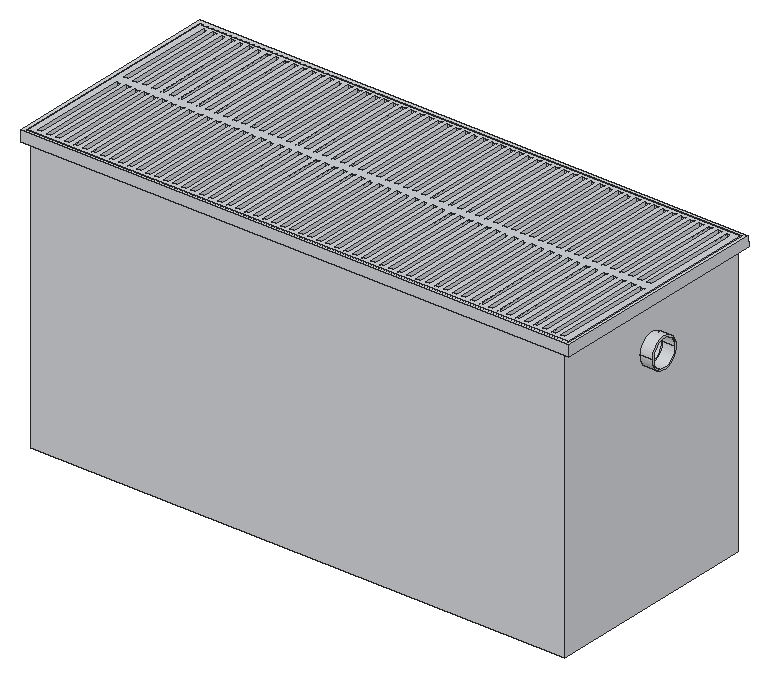
Revit family "Interceptor_Sand-Zurn-Z1187-SI", category Plumbing Fixtures, Revit 2022 (continued)
Definition of nested family "Grate Size_50"
  Dimensions and locks (in)
    aligned and locked: plane 152 to Extrusion 37 sketch curve
    aligned and locked: Extrusion 37 sketch curve to plane 153
    aligned and locked: Extrusion 38 sketch curve to plane 154
    aligned and locked: plane 155 to Extrusion 38 sketch curve
    aligned and locked: plane 156 to Extrusion 38 sketch curve
    aligned and locked: Extrusion 38 sketch curve to plane 157
    aligned and locked: Extrusion 39 sketch curve to plane 158
    aligned and locked: plane 159 to Extrusion 39 sketch curve
    aligned and locked: plane 160 to Extrusion 39 sketch curve
    aligned and locked: Extrusion 39 sketch curve to plane 161
    aligned and locked: Extrusion 40 sketch curve to plane 162
    aligned and locked: plane 163 to Extrusion 40 sketch curve
    aligned and locked: plane 164 to Extrusion 40 sketch curve
    aligned and locked: Extrusion 40 sketch curve to plane 165
    aligned and locked: Extrusion 41 sketch curve to plane 166
    aligned and locked: plane 167 to Extrusion 41 sketch curve
    aligned and locked: plane 168 to Extrusion 41 sketch curve
    aligned and locked: Extrusion 41 sketch curve to plane 169
    aligned and locked: Extrusion 42 sketch curve to plane 170
    aligned and locked: plane 171 to Extrusion 42 sketch curve
    aligned and locked: plane 172 to Extrusion 42 sketch curve
    aligned and locked: Extrusion 42 sketch curve to plane 173
    aligned and locked: Extrusion 43 sketch curve to plane 174
    aligned and locked: plane 175 to Extrusion 43 sketch curve
    aligned and locked: plane 176 to Extrusion 43 sketch curve
    aligned and locked: Extrusion 43 sketch curve to plane 177
    aligned and locked: Extrusion 44 sketch curve to plane 178
    aligned and locked: plane 179 to Extrusion 44 sketch curve
    aligned and locked: plane 180 to Extrusion 44 sketch curve
    aligned and locked: Extrusion 44 sketch curve to plane 181
    aligned and locked: Extrusion 45 sketch curve to plane 182
    aligned and locked: plane 183 to Extrusion 45 sketch curve
    aligned and locked: plane 184 to Extrusion 45 sketch curve
    aligned and locked: Extrusion 45 sketch curve to plane 185
    aligned and locked: Extrusion 46 sketch curve to plane 186
    aligned and locked: plane 187 to Extrusion 46 sketch curve
    aligned and locked: plane 188 to Extrusion 46 sketch curve
    aligned and locked: Extrusion 46 sketch curve to plane 189
    aligned and locked: Extrusion 47 sketch curve to plane 190
    aligned and locked: plane 191 to Extrusion 47 sketch curve
    aligned and locked: plane 192 to Extrusion 47 sketch curve
    aligned and locked: Extrusion 47 sketch curve to plane 193
    aligned and locked: Extrusion 48 sketch curve to plane 194
    aligned and locked: plane 195 to Extrusion 48 sketch curve
    aligned and locked: plane 196 to Extrusion 48 sketch curve
    aligned and locked: Extrusion 48 sketch curve to plane 197
    aligned and locked: curve 2 to plane 8
    aligned and locked: plane 10 to curve 1
    aligned and locked: curve 1 to plane 7
    aligned and locked: plane 9 to curve 3
    aligned and locked: cut or joined group of Extrusion 2, Extrusion 3, Extrusion 4, Extrusion 5, Extrusion 6, Extrusion 7, Extrusion 8, Extrusion 9, Extrusion 10, Extrusion 11, Extrusion 12, Extrusion 13, Extrusion 14, Extrusion 15, Extrusion 16, Extrusion 17, Extrusion 18, Extrusion 19, Extrusion 20, Extrusion 21, Extrusion 22, Extrusion 23, Extrusion 24, Extrusion 25, Extrusion 26, Extrusion 27, Extrusion 28, Extrusion 29, Extrusion 30, Extrusion 31, Extrusion 32, Extrusion 33, Extrusion 34, Extrusion 35, Extrusion 36, Extrusion 37, Extrusion 38, Extrusion 39, Extrusion 40, Extrusion 41, Extrusion 42, Extrusion 43, Extrusion 44, Extrusion 45, Extrusion 46, Extrusion 47, Extrusion 48 to curve 8
    aligned and locked: plane 9 to curve 5
    aligned and locked: plane 10 to curve 8
    aligned and locked: plane 7 to curve 15
    aligned and locked: plane 8 to curve 11
Definition of nested family "Grate Size_150"
  Parameters (values of type "Size-150")
    Width [instance] = 48.000"
    Waste Connection = 1 = 1  # yes
    WFU = 1  # constant formula
    Vent Connection = 1 = 0  # no
    URL = "www.zurn.com"
    Product data url = ""
    Product Page URL = ""
    Product Installation Sheet URL = ""
    Product Documentation Link = ""
    Modified Date = ""
    Manufacurer Brand = "Zurn"  # constant formula
    Manufacturer = "Zurn Water, LLC"  # constant formula
    Main Material = none
    Length [instance] = 48.000"
    HWFU = 0  # constant formula
    HW Connection = 1 = 0  # no
    Grate Open Area (Sq. In) = 0.00 SF
    Default Elevation = 20.000"  # constant formula
    Date Created = ""
    CWFU = 0  # constant formula
    CW Connection = 1 = 0  # no
    Assembly Code = ""
    Approx. Weight (Lbs) = 0.00 lbf
  Reference planes (in)
    plane 1 "Center (Front/Back)": y = 0
    plane 2: z = 0
    plane 3 "Center (Left/Right)": x = 0
    plane 4: x = -24
    plane 5: x = 24
    plane 6: z = 1.75
    plane 7: y = -24
    plane 8: y = 24
    plane 9: x = -0.5
    plane 10: x = 0.5
    plane 11: z = 1.75
    plane 12: y = -1
    plane 13: y = -23
    plane 14: x = 1.5
    plane 15: x = 2.5
    plane 16: y = -1
    plane 17: y = -23
    plane 18: x = 3.5
    plane 19: x = 4.5
    plane 20: y = -1
    plane 21: y = -23
    plane 22: x = 5.5
    plane 23: x = 6.5
    plane 24: y = -1
    plane 25: y = -23
    plane 26: x = 7.5
    plane 27: x = 8.5
    plane 28: y = -1
    plane 29: y = -23
    plane 30: x = 9.5
    plane 31: x = 10.5
    plane 32: y = -1
    plane 33: y = -23
    plane 34: x = 11.5
    plane 35: x = 12.5
    plane 36: y = -1
    plane 37: y = -23
    plane 38: x = 13.5
    plane 39: x = 14.5
    plane 40: y = -1
    plane 41: y = -23
    plane 42: x = 15.5
    plane 43: x = 16.5
    plane 44: y = -1
    plane 45: y = -23
    plane 46: x = 17.5
    plane 47: x = 18.5
    plane 48: y = -1
    plane 49: y = -23
    plane 50: x = 19.5
    plane 51: x = 20.5
    plane 52: y = -1
    plane 53: y = -23
    plane 54: x = 21.5
    plane 55: x = 22.5
    plane 56: y = -1
    plane 57: y = -23
    plane 58: x = -2.5
    plane 59: x = -1.5
    plane 60: y = -1
    plane 61: y = -23
    plane 62: x = -4.5
    plane 63: x = -3.5
    plane 64: y = -1
    plane 65: y = -23
    plane 66: x = -6.5
    plane 67: x = -5.5
    plane 68: y = -1
    plane 69: y = -23
    plane 70: x = -8.5
    plane 71: x = -7.5
    plane 72: y = -1
    plane 73: y = -23
    plane 74: x = -10.5
    plane 75: x = -9.5
    plane 76: y = -1
    plane 77: y = -23
    plane 78: x = -12.5
    plane 79: x = -11.5
    plane 80: y = -1
    plane 81: y = -23
    plane 82: x = -14.5
    plane 83: x = -13.5
    plane 84: y = -1
    plane 85: y = -23
    plane 86: x = -16.5
    plane 87: x = -15.5
    plane 88: y = -1
    plane 89: y = -23
    plane 90: x = -18.5
    plane 91: x = -17.5
    plane 92: y = -1
    plane 93: y = -23
    plane 94: x = -20.5
    plane 95: x = -19.5
    plane 96: y = -1
    plane 97: y = -23
    plane 98: x = -22.5
    plane 99: x = -21.5
    plane 100: y = -1
    plane 101: y = -23
    plane 102: x = -0.5
    plane 103: x = 0.5
    plane 104: y = 1
    plane 105: y = 23
    plane 106: x = 1.5
    plane 107: x = 2.5
    plane 108: y = 1
    plane 109: y = 23
    plane 110: x = 3.5
    plane 111: x = 4.5
    plane 112: y = 1
    plane 113: y = 23
    plane 114: x = 5.5
    plane 115: x = 6.5
    plane 116: y = 1
    plane 117: y = 23
    plane 118: x = 7.5
    plane 119: x = 8.5
    plane 120: y = 1
    plane 121: y = 23
    plane 122: x = 9.5
    plane 123: x = 10.5
    plane 124: y = 1
    plane 125: y = 23
    plane 126: x = 11.5
    plane 127: x = 12.5
    plane 128: y = 1
    plane 129: y = 23
    plane 130: x = 13.5
    plane 131: x = 14.5
    plane 132: y = 1
    plane 133: y = 23
    plane 134: x = 15.5
    plane 135: x = 16.5
    plane 136: y = 1
    plane 137: y = 23
    plane 138: x = 17.5
    plane 139: x = 18.5
    plane 140: y = 1
    plane 141: y = 23
    plane 142: x = 19.5
    plane 143: x = 20.5
    plane 144: y = 1
    plane 145: y = 23
    plane 146: x = 21.5
    plane 147: x = 22.5
    plane 148: y = 1
    plane 149: y = 23
    plane 150: x = -2.5
    plane 151: x = -1.5
    plane 152: y = 1
    plane 153: y = 23
    plane 154: x = -4.5
    plane 155: x = -3.5
    plane 156: y = 1
    plane 157: y = 23
    plane 158: x = -6.5
    plane 159: x = -5.5
    plane 160: y = 1
    plane 161: y = 23
    plane 162: x = -8.5
    plane 163: x = -7.5
    plane 164: y = 1
    plane 165: y = 23
    plane 166: x = -10.5
    plane 167: x = -9.5
    plane 168: y = 1
    plane 169: y = 23
    plane 170: x = -12.5
    plane 171: x = -11.5
    plane 172: y = 1
    plane 173: y = 23
    plane 174: x = -14.5
    plane 175: x = -13.5
    plane 176: y = 1
    plane 177: y = 23
    plane 178: x = -16.5
    plane 179: x = -15.5
    plane 180: y = 1
    plane 181: y = 23
    plane 182: x = -18.5
    plane 183: x = -17.5
    plane 184: y = 1
    plane 185: y = 23
    plane 186: x = -20.5
    plane 187: x = -19.5
    plane 188: y = 1
    plane 189: y = 23
    plane 190: x = -22.5
    plane 191: x = -21.5
    plane 192: y = 1
    plane 193: y = 23
    plane 194: x = -24
    plane 195: x = 24
  Forms (in)
    Extrusion 1, solid, material <- "Main Material", detail levels fine
      sketch origin (0, 0, 0) x (1, 0, 0) y (0, 0, 1)
        loop
          line (-24, 1.75) -> (-24, 0) -> (24, 0) -> (24, 1.75) -> (-24, 1.75)
      from -24 to 24
    Extrusion 2, void
      sketch origin (0, 0, 0) x (1, 0, 0) y (0, 1, 0)
        loop
          line (-0.5, -1) -> (-0.5, -23) -> (0.5, -23) -> (0.5, -1) -> (-0.5, -1)
      from 0 to 1.75
    Extrusion 3, void
      sketch origin (2, 0, 0) x (1, 0, 0) y (0, 1, 0)
        loop
          line (-0.5, -1) -> (-0.5, -23) -> (0.5, -23) -> (0.5, -1) -> (-0.5, -1)
      from 0 to 1.75
    Extrusion 4, void
      sketch origin (4, 0, 0) x (1, 0, 0) y (0, 1, 0)
        loop
          line (-0.5, -1) -> (-0.5, -23) -> (0.5, -23) -> (0.5, -1) -> (-0.5, -1)
      from 0 to 1.75
    Extrusion 5, void
      sketch origin (6, 0, 0) x (1, 0, 0) y (0, 1, 0)
        loop
          line (-0.5, -1) -> (-0.5, -23) -> (0.5, -23) -> (0.5, -1) -> (-0.5, -1)
      from 0 to 1.75
    Extrusion 6, void
      sketch origin (8, 0, 0) x (1, 0, 0) y (0, 1, 0)
        loop
          line (-0.5, -1) -> (-0.5, -23) -> (0.5, -23) -> (0.5, -1) -> (-0.5, -1)
      from 0 to 1.75
    Extrusion 7, void
      sketch origin (10, 0, 0) x (1, 0, 0) y (0, 1, 0)
        loop
          line (-0.5, -1) -> (-0.5, -23) -> (0.5, -23) -> (0.5, -1) -> (-0.5, -1)
      from 0 to 1.75
    Extrusion 8, void
      sketch origin (12, 0, 0) x (1, 0, 0) y (0, 1, 0)
        loop
          line (-0.5, -1) -> (-0.5, -23) -> (0.5, -23) -> (0.5, -1) -> (-0.5, -1)
      from 0 to 1.75
    Extrusion 9, void
      sketch origin (14, 0, 0) x (1, 0, 0) y (0, 1, 0)
        loop
          line (-0.5, -1) -> (-0.5, -23) -> (0.5, -23) -> (0.5, -1) -> (-0.5, -1)
      from 0 to 1.75
    Extrusion 10, void
      sketch origin (16, 0, 0) x (1, 0, 0) y (0, 1, 0)
        loop
          line (-0.5, -1) -> (-0.5, -23) -> (0.5, -23) -> (0.5, -1) -> (-0.5, -1)
      from 0 to 1.75
    Extrusion 11, void
      sketch origin (18, 0, 0) x (1, 0, 0) y (0, 1, 0)
        loop
          line (-0.5, -1) -> (-0.5, -23) -> (0.5, -23) -> (0.5, -1) -> (-0.5, -1)
      from 0 to 1.75
    Extrusion 12, void
      sketch origin (20, 0, 0) x (1, 0, 0) y (0, 1, 0)
        loop
          line (-0.5, -1) -> (-0.5, -23) -> (0.5, -23) -> (0.5, -1) -> (-0.5, -1)
      from 0 to 1.75
    Extrusion 13, void
      sketch origin (22, 0, 0) x (1, 0, 0) y (0, 1, 0)
        loop
          line (-0.5, -1) -> (-0.5, -23) -> (0.5, -23) -> (0.5, -1) -> (-0.5, -1)
      from 0 to 1.75
    Extrusion 14, void
      sketch origin (-2, 0, 0) x (1, 0, 0) y (0, 1, 0)
        loop
          line (-0.5, -1) -> (-0.5, -23) -> (0.5, -23) -> (0.5, -1) -> (-0.5, -1)
      from 0 to 1.75
    Extrusion 15, void
      sketch origin (-4, 0, 0) x (1, 0, 0) y (0, 1, 0)
        loop
          line (-0.5, -1) -> (-0.5, -23) -> (0.5, -23) -> (0.5, -1) -> (-0.5, -1)
      from 0 to 1.75
    Extrusion 16, void
      sketch origin (-6, 0, 0) x (1, 0, 0) y (0, 1, 0)
        loop
          line (-0.5, -1) -> (-0.5, -23) -> (0.5, -23) -> (0.5, -1) -> (-0.5, -1)
      from 0 to 1.75
    Extrusion 17, void
      sketch origin (-8, 0, 0) x (1, 0, 0) y (0, 1, 0)
        loop
          line (-0.5, -1) -> (-0.5, -23) -> (0.5, -23) -> (0.5, -1) -> (-0.5, -1)
      from 0 to 1.75
    Extrusion 18, void
      sketch origin (-10, 0, 0) x (1, 0, 0) y (0, 1, 0)
        loop
          line (-0.5, -1) -> (-0.5, -23) -> (0.5, -23) -> (0.5, -1) -> (-0.5, -1)
      from 0 to 1.75
    Extrusion 19, void
      sketch origin (-12, 0, 0) x (1, 0, 0) y (0, 1, 0)
        loop
          line (-0.5, -1) -> (-0.5, -23) -> (0.5, -23) -> (0.5, -1) -> (-0.5, -1)
      from 0 to 1.75
    Extrusion 20, void
      sketch origin (-14, 0, 0) x (1, 0, 0) y (0, 1, 0)
        loop
          line (-0.5, -1) -> (-0.5, -23) -> (0.5, -23) -> (0.5, -1) -> (-0.5, -1)
      from 0 to 1.75
    Extrusion 21, void
      sketch origin (-16, 0, 0) x (1, 0, 0) y (0, 1, 0)
        loop
          line (-0.5, -1) -> (-0.5, -23) -> (0.5, -23) -> (0.5, -1) -> (-0.5, -1)
      from 0 to 1.75
    Extrusion 22, void
      sketch origin (-18, 0, 0) x (1, 0, 0) y (0, 1, 0)
        loop
          line (-0.5, -1) -> (-0.5, -23) -> (0.5, -23) -> (0.5, -1) -> (-0.5, -1)
      from 0 to 1.75
    Extrusion 23, void
      sketch origin (-20, 0, 0) x (1, 0, 0) y (0, 1, 0)
        loop
          line (-0.5, -1) -> (-0.5, -23) -> (0.5, -23) -> (0.5, -1) -> (-0.5, -1)
      from 0 to 1.75
    Extrusion 24, void
      sketch origin (-22, 0, 0) x (1, 0, 0) y (0, 1, 0)
        loop
          line (-0.5, -1) -> (-0.5, -23) -> (0.5, -23) -> (0.5, -1) -> (-0.5, -1)
      from 0 to 1.75
    Extrusion 25, void
      sketch origin (0, 0, 0) x (1, 0, 0) y (0, 1, 0)
        loop
          line (-0.5, 1) -> (0.5, 1) -> (0.5, 23) -> (-0.5, 23) -> (-0.5, 1)
      from 0 to 1.75
    Extrusion 26, void
      sketch origin (2, 0, 0) x (1, 0, 0) y (0, 1, 0)
        loop
          line (-0.5, 1) -> (0.5, 1) -> (0.5, 23) -> (-0.5, 23) -> (-0.5, 1)
      from 0 to 1.75
    Extrusion 27, void
      sketch origin (4, 0, 0) x (1, 0, 0) y (0, 1, 0)
        loop
          line (-0.5, 1) -> (0.5, 1) -> (0.5, 23) -> (-0.5, 23) -> (-0.5, 1)
      from 0 to 1.75
    Extrusion 28, void
      sketch origin (6, 0, 0) x (1, 0, 0) y (0, 1, 0)
        loop
          line (-0.5, 1) -> (0.5, 1) -> (0.5, 23) -> (-0.5, 23) -> (-0.5, 1)
      from 0 to 1.75
    Extrusion 29, void
      sketch origin (8, 0, 0) x (1, 0, 0) y (0, 1, 0)
        loop
          line (-0.5, 1) -> (0.5, 1) -> (0.5, 23) -> (-0.5, 23) -> (-0.5, 1)
      from 0 to 1.75
    Extrusion 30, void
      sketch origin (10, 0, 0) x (1, 0, 0) y (0, 1, 0)
        loop
          line (-0.5, 1) -> (0.5, 1) -> (0.5, 23) -> (-0.5, 23) -> (-0.5, 1)
      from 0 to 1.75
    Extrusion 31, void
      sketch origin (12, 0, 0) x (1, 0, 0) y (0, 1, 0)
        loop
          line (-0.5, 1) -> (0.5, 1) -> (0.5, 23) -> (-0.5, 23) -> (-0.5, 1)
      from 0 to 1.75
    Extrusion 32, void
      sketch origin (14, 0, 0) x (1, 0, 0) y (0, 1, 0)
        loop
          line (-0.5, 1) -> (0.5, 1) -> (0.5, 23) -> (-0.5, 23) -> (-0.5, 1)
      from 0 to 1.75
    Extrusion 33, void
      sketch origin (16, 0, 0) x (1, 0, 0) y (0, 1, 0)
        loop
          line (-0.5, 1) -> (0.5, 1) -> (0.5, 23) -> (-0.5, 23) -> (-0.5, 1)
      from 0 to 1.75
    Extrusion 34, void
      sketch origin (18, 0, 0) x (1, 0, 0) y (0, 1, 0)
        loop
          line (-0.5, 1) -> (0.5, 1) -> (0.5, 23) -> (-0.5, 23) -> (-0.5, 1)
      from 0 to 1.75
    Extrusion 35, void
      sketch origin (20, 0, 0) x (1, 0, 0) y (0, 1, 0)
        loop
          line (-0.5, 1) -> (0.5, 1) -> (0.5, 23) -> (-0.5, 23) -> (-0.5, 1)
      from 0 to 1.75
    Extrusion 36, void
      sketch origin (22, 0, 0) x (1, 0, 0) y (0, 1, 0)
        loop
          line (-0.5, 1) -> (0.5, 1) -> (0.5, 23) -> (-0.5, 23) -> (-0.5, 1)
      from 0 to 1.75
    Extrusion 37, void
      sketch origin (-2, 0, 0) x (1, 0, 0) y (0, 1, 0)
        loop
          line (-0.5, 1) -> (0.5, 1) -> (0.5, 23) -> (-0.5, 23) -> (-0.5, 1)
      from 0 to 1.75
    Extrusion 38, void
      sketch origin (-4, 0, 0) x (1, 0, 0) y (0, 1, 0)
        loop
          line (-0.5, 1) -> (0.5, 1) -> (0.5, 23) -> (-0.5, 23) -> (-0.5, 1)
      from 0 to 1.75
    Extrusion 39, void
      sketch origin (-6, 0, 0) x (1, 0, 0) y (0, 1, 0)
        loop
          line (-0.5, 1) -> (0.5, 1) -> (0.5, 23) -> (-0.5, 23) -> (-0.5, 1)
      from 0 to 1.75
    Extrusion 40, void
      sketch origin (-8, 0, 0) x (1, 0, 0) y (0, 1, 0)
        loop
          line (-0.5, 1) -> (0.5, 1) -> (0.5, 23) -> (-0.5, 23) -> (-0.5, 1)
      from 0 to 1.75
    Extrusion 41, void
      sketch origin (-10, 0, 0) x (1, 0, 0) y (0, 1, 0)
        loop
          line (-0.5, 1) -> (0.5, 1) -> (0.5, 23) -> (-0.5, 23) -> (-0.5, 1)
      from 0 to 1.75
    Extrusion 42, void
      sketch origin (-12, 0, 0) x (1, 0, 0) y (0, 1, 0)
        loop
          line (-0.5, 1) -> (0.5, 1) -> (0.5, 23) -> (-0.5, 23) -> (-0.5, 1)
      from 0 to 1.75
    Extrusion 43, void
      sketch origin (-14, 0, 0) x (1, 0, 0) y (0, 1, 0)
        loop
          line (-0.5, 1) -> (0.5, 1) -> (0.5, 23) -> (-0.5, 23) -> (-0.5, 1)
      from 0 to 1.75
    Extrusion 44, void
      sketch origin (-16, 0, 0) x (1, 0, 0) y (0, 1, 0)
        loop
          line (-0.5, 1) -> (0.5, 1) -> (0.5, 23) -> (-0.5, 23) -> (-0.5, 1)
      from 0 to 1.75
    Extrusion 45, void
      sketch origin (-18, 0, 0) x (1, 0, 0) y (0, 1, 0)
        loop
          line (-0.5, 1) -> (0.5, 1) -> (0.5, 23) -> (-0.5, 23) -> (-0.5, 1)
      from 0 to 1.75
    Extrusion 46, void
      sketch origin (-20, 0, 0) x (1, 0, 0) y (0, 1, 0)
        loop
          line (-0.5, 1) -> (0.5, 1) -> (0.5, 23) -> (-0.5, 23) -> (-0.5, 1)
      from 0 to 1.75
    Extrusion 47, void
      sketch origin (-22, 0, 0) x (1, 0, 0) y (0, 1, 0)
        loop
          line (-0.5, 1) -> (0.5, 1) -> (0.5, 23) -> (-0.5, 23) -> (-0.5, 1)
      from 0 to 1.75
  Cuts and joins
    Extrusion 2, Extrusion 3, Extrusion 4, Extrusion 5, Extrusion 6, Extrusion 7, Extrusion 8, Extrusion 9, Extrusion 10, Extrusion 11, Extrusion 12, Extrusion 13, Extrusion 14, Extrusion 15, Extrusion 16, Extrusion 17, Extrusion 18, Extrusion 19, Extrusion 20, Extrusion 21, Extrusion 22, Extrusion 23, Extrusion 24, Extrusion 25, Extrusion 26, Extrusion 27, Extrusion 28, Extrusion 29, Extrusion 30, Extrusion 31, Extrusion 32, Extrusion 33, Extrusion 34, Extrusion 35, Extrusion 36, Extrusion 37, Extrusion 38, Extrusion 39, Extrusion 40, Extrusion 41, Extrusion 42, Extrusion 43, Extrusion 44, Extrusion 45, Extrusion 46, Extrusion 47 cuts Extrusion 1
  Lines and regions (in)
    model lines, detail levels coarse+medium
      curve 1: line (-24, -24, 1.75) -> (24, -24, 1.75)
      curve 2: line (-24, 24, 1.75) -> (24, 24, 1.75)
      curve 3: line (-24, -24, 1.75) -> (-24, 24, 1.75)
      curve 4: line (24, -24, 1.75) -> (24, 24, 1.75)
      curve 5: line (-24, 18, 1.75) -> (24, 18, 1.75)
      curve 6: line (-24, 12, 1.75) -> (24, 12, 1.75)
      curve 7: line (-24, 6, 1.75) -> (24, 6, 1.75)
      curve 8: line (-24, 0, 1.75) -> (24, 0, 1.75)
      curve 9: line (-24, -6, 1.75) -> (24, -6, 1.75)
      curve 10: line (-24, -12, 1.75) -> (24, -12, 1.75)
      curve 11: line (-24, -18, 1.75) -> (24, -18, 1.75)
      curve 12: line (-18, 24, 1.75) -> (-18, -24, 1.75)
      curve 13: line (-12, 24, 1.75) -> (-12, -24, 1.75)
      curve 14: line (-6, 24, 1.75) -> (-6, -24, 1.75)
      curve 15: line (0, 24, 1.75) -> (0, -24, 1.75)
      curve 16: line (6, 24, 1.75) -> (6, -24, 1.75)
      curve 17: line (12, 24, 1.75) -> (12, -24, 1.75)
      curve 18: line (18, 24, 1.75) -> (18, -24, 1.75)
  Dimensions and locks (in)
    plane 6 to level = 1.750"
    equal spacing: plane 7, plane 1 "Center (Front/Back)", plane 8
    plane 7 to plane 1 "Center (Front/Back)" = 24.000"
    "Width": plane 7 to plane 8
    equal spacing: plane 5, plane 3 "Center (Left/Right)", plane 4
    "Length": plane 5 to plane 4
    plane 9 to plane 10 = 1.000"
    locked: plane 11 to level at 1.75
    plane 12 to plane 13 = 22.000"
    plane 12 to plane 1 "Center (Front/Back)" = 1.000"
    plane 13 to plane 7 = 1.000"
    plane 14 to plane 15 = 1.000"
    plane 16 to plane 17 = 22.000"
    plane 18 to plane 19 = 1.000"
    plane 20 to plane 21 = 22.000"
    plane 22 to plane 23 = 1.000"
    plane 24 to plane 25 = 22.000"
    plane 26 to plane 27 = 1.000"
    plane 28 to plane 29 = 22.000"
    plane 30 to plane 31 = 1.000"
    plane 32 to plane 33 = 22.000"
    plane 34 to plane 35 = 1.000"
    plane 36 to plane 37 = 22.000"
    plane 38 to plane 39 = 1.000"
    plane 40 to plane 41 = 22.000"
    plane 42 to plane 43 = 1.000"
    plane 44 to plane 45 = 22.000"
    plane 46 to plane 47 = 1.000"
    plane 48 to plane 49 = 22.000"
    plane 50 to plane 51 = 1.000"
    plane 52 to plane 53 = 22.000"
    plane 54 to plane 55 = 1.000"
    plane 56 to plane 57 = 22.000"
    plane 58 to plane 59 = 1.000"
    plane 60 to plane 61 = 22.000"
    equal spacing: group 23, group 22, group 21, group 20, group 19, group 18, group 17, group 16, group 15, group 14, group 13, group 12
    equal spacing: group 12, group 13, group 14, group 15, group 16, group 17, group 18, group 19, group 20, group 21, group 22, group 23  (x2)
    plane 62 to plane 63 = 1.000"
    plane 64 to plane 65 = 22.000"
    plane 66 to plane 67 = 1.000"
    plane 68 to plane 69 = 22.000"
    plane 70 to plane 71 = 1.000"
    plane 72 to plane 73 = 22.000"
    plane 74 to plane 75 = 1.000"
    plane 76 to plane 77 = 22.000"
    plane 78 to plane 79 = 1.000"
    plane 80 to plane 81 = 22.000"
    plane 82 to plane 83 = 1.000"
    plane 84 to plane 85 = 22.000"
    plane 86 to plane 87 = 1.000"
    plane 88 to plane 89 = 22.000"
    plane 90 to plane 91 = 1.000"
    plane 92 to plane 93 = 22.000"
    plane 94 to plane 95 = 1.000"
    plane 96 to plane 97 = 22.000"
    plane 98 to plane 99 = 1.000"
    plane 100 to plane 101 = 22.000"
    plane 102 to plane 103 = 1.000"
    plane 104 to plane 105 = 22.000"
    plane 106 to plane 107 = 1.000"
    plane 109 to plane 108 = 22.000"
    plane 110 to plane 111 = 1.000"
    plane 113 to plane 112 = 22.000"
    plane 114 to plane 115 = 1.000"
    plane 117 to plane 116 = 22.000"
    plane 118 to plane 119 = 1.000"
    plane 121 to plane 120 = 22.000"
    plane 122 to plane 123 = 1.000"
    plane 125 to plane 124 = 22.000"
    plane 126 to plane 127 = 1.000"
    plane 129 to plane 128 = 22.000"
    plane 130 to plane 131 = 1.000"
    plane 133 to plane 132 = 22.000"
    plane 134 to plane 135 = 1.000"
    plane 137 to plane 136 = 22.000"
    plane 138 to plane 139 = 1.000"
    plane 141 to plane 140 = 22.000"
    plane 142 to plane 143 = 1.000"
    plane 145 to plane 144 = 22.000"
    plane 146 to plane 147 = 1.000"
    plane 149 to plane 148 = 22.000"
    plane 150 to plane 151 = 1.000"
    plane 152 to plane 153 = 22.000"
    plane 154 to plane 155 = 1.000"
    plane 156 to plane 157 = 22.000"
    plane 158 to plane 159 = 1.000"
    plane 160 to plane 161 = 22.000"
    plane 162 to plane 163 = 1.000"
    plane 164 to plane 165 = 22.000"
    plane 166 to plane 167 = 1.000"
    plane 168 to plane 169 = 22.000"
    plane 170 to plane 171 = 1.000"
    plane 172 to plane 173 = 22.000"
    plane 174 to plane 175 = 1.000"
    plane 176 to plane 177 = 22.000"
    plane 178 to plane 179 = 1.000"
    plane 180 to plane 181 = 22.000"
    plane 182 to plane 183 = 1.000"
    plane 184 to plane 185 = 22.000"
    plane 186 to plane 187 = 1.000"
    plane 188 to plane 189 = 22.000"
    plane 190 to plane 191 = 1.000"
    plane 192 to plane 193 = 22.000"
    "Length": plane 194 to plane 195
    equal spacing: plane 8, curve 5, curve 6, curve 7, curve 8, curve 9, curve 10, curve 11, plane 7, locked at 6 each
    equal spacing: plane 194, curve 12, curve 13, curve 14, curve 15, curve 16, curve 17, curve 18, plane 195, locked at 6 each
    aligned and locked: plane 2 to level
    aligned and locked: Extrusion 1 sketch curve to plane 5
    aligned and locked: Extrusion 1 sketch curve to plane 6
    aligned and locked: plane 4 to Extrusion 1 sketch curve
    aligned and locked: plane 8 to Extrusion 1
    aligned and locked: Extrusion 1 to plane 7
    aligned and locked: plane 13 to Extrusion 2 sketch curve
    aligned and locked: Extrusion 2 sketch curve to plane 12
    aligned and locked: plane 10 to Extrusion 2 sketch curve
    aligned and locked: plane 9 to Extrusion 2 sketch curve
    aligned and locked: plane 17 to Extrusion 3 sketch curve
    aligned and locked: Extrusion 3 sketch curve to plane 16
    aligned and locked: plane 15 to Extrusion 3 sketch curve
    aligned and locked: plane 14 to Extrusion 3 sketch curve
    aligned and locked: plane 21 to Extrusion 4 sketch curve
    aligned and locked: Extrusion 4 sketch curve to plane 20
    aligned and locked: plane 19 to Extrusion 4 sketch curve
    aligned and locked: plane 18 to Extrusion 4 sketch curve
    aligned and locked: plane 25 to Extrusion 5 sketch curve
    aligned and locked: Extrusion 5 sketch curve to plane 24
    aligned and locked: plane 23 to Extrusion 5 sketch curve
    aligned and locked: plane 22 to Extrusion 5 sketch curve
    aligned and locked: plane 29 to Extrusion 6 sketch curve
    aligned and locked: Extrusion 6 sketch curve to plane 28
    aligned and locked: plane 27 to Extrusion 6 sketch curve
    aligned and locked: plane 26 to Extrusion 6 sketch curve
    aligned and locked: plane 33 to Extrusion 7 sketch curve
    aligned and locked: Extrusion 7 sketch curve to plane 32
    aligned and locked: plane 31 to Extrusion 7 sketch curve
    aligned and locked: plane 30 to Extrusion 7 sketch curve
    aligned and locked: plane 37 to Extrusion 8 sketch curve
    aligned and locked: Extrusion 8 sketch curve to plane 36
    aligned and locked: plane 35 to Extrusion 8 sketch curve
    aligned and locked: plane 34 to Extrusion 8 sketch curve
    aligned and locked: plane 41 to Extrusion 9 sketch curve
    aligned and locked: Extrusion 9 sketch curve to plane 40
    aligned and locked: plane 39 to Extrusion 9 sketch curve
    aligned and locked: plane 38 to Extrusion 9 sketch curve
    aligned and locked: plane 45 to Extrusion 10 sketch curve
    aligned and locked: Extrusion 10 sketch curve to plane 44
    aligned and locked: plane 43 to Extrusion 10 sketch curve
    aligned and locked: plane 42 to Extrusion 10 sketch curve
    aligned and locked: plane 49 to Extrusion 11 sketch curve
    aligned and locked: Extrusion 11 sketch curve to plane 48
    aligned and locked: plane 47 to Extrusion 11 sketch curve
    aligned and locked: plane 46 to Extrusion 11 sketch curve
    aligned and locked: plane 53 to Extrusion 12 sketch curve
    aligned and locked: Extrusion 12 sketch curve to plane 52
    aligned and locked: plane 51 to Extrusion 12 sketch curve
    aligned and locked: plane 50 to Extrusion 12 sketch curve
    aligned and locked: plane 57 to Extrusion 13 sketch curve
    aligned and locked: Extrusion 13 sketch curve to plane 56
    aligned and locked: plane 55 to Extrusion 13 sketch curve
    aligned and locked: plane 54 to Extrusion 13 sketch curve
    aligned and locked: plane 61 to Extrusion 14 sketch curve
    aligned and locked: Extrusion 14 sketch curve to plane 60
    aligned and locked: plane 59 to Extrusion 14 sketch curve
    aligned and locked: plane 58 to Extrusion 14 sketch curve
    aligned and locked: plane 65 to Extrusion 15 sketch curve
    aligned and locked: Extrusion 15 sketch curve to plane 64
    aligned and locked: plane 63 to Extrusion 15 sketch curve
    aligned and locked: plane 62 to Extrusion 15 sketch curve
    aligned and locked: plane 69 to Extrusion 16 sketch curve
    aligned and locked: Extrusion 16 sketch curve to plane 68
    aligned and locked: plane 67 to Extrusion 16 sketch curve
    aligned and locked: plane 66 to Extrusion 16 sketch curve
    aligned and locked: plane 73 to Extrusion 17 sketch curve
    aligned and locked: Extrusion 17 sketch curve to plane 72
    aligned and locked: plane 71 to Extrusion 17 sketch curve
    aligned and locked: plane 70 to Extrusion 17 sketch curve
    aligned and locked: plane 77 to Extrusion 18 sketch curve
    aligned and locked: Extrusion 18 sketch curve to plane 76
    aligned and locked: plane 75 to Extrusion 18 sketch curve
    aligned and locked: plane 74 to Extrusion 18 sketch curve
    aligned and locked: plane 81 to Extrusion 19 sketch curve
    aligned and locked: Extrusion 19 sketch curve to plane 80
    aligned and locked: plane 79 to Extrusion 19 sketch curve
    aligned and locked: plane 78 to Extrusion 19 sketch curve
    aligned and locked: plane 85 to Extrusion 20 sketch curve
    aligned and locked: Extrusion 20 sketch curve to plane 84
    aligned and locked: plane 83 to Extrusion 20 sketch curve
    aligned and locked: plane 82 to Extrusion 20 sketch curve
    aligned and locked: plane 89 to Extrusion 21 sketch curve
    aligned and locked: Extrusion 21 sketch curve to plane 88
    aligned and locked: plane 87 to Extrusion 21 sketch curve
    aligned and locked: plane 86 to Extrusion 21 sketch curve
    aligned and locked: plane 93 to Extrusion 22 sketch curve
    aligned and locked: Extrusion 22 sketch curve to plane 92
    aligned and locked: plane 91 to Extrusion 22 sketch curve
    aligned and locked: plane 90 to Extrusion 22 sketch curve
    aligned and locked: plane 97 to Extrusion 23 sketch curve
    aligned and locked: Extrusion 23 sketch curve to plane 96
    aligned and locked: plane 95 to Extrusion 23 sketch curve
    aligned and locked: plane 94 to Extrusion 23 sketch curve
    aligned and locked: plane 101 to Extrusion 24 sketch curve
    aligned and locked: Extrusion 24 sketch curve to plane 100
    aligned and locked: plane 99 to Extrusion 24 sketch curve
    aligned and locked: plane 98 to Extrusion 24 sketch curve
    aligned and locked: Extrusion 25 sketch curve to plane 105
    aligned and locked: plane 104 to Extrusion 25 sketch curve
    aligned and locked: plane 103 to Extrusion 25 sketch curve
    aligned and locked: plane 102 to Extrusion 25 sketch curve
    aligned and locked: Extrusion 26 sketch curve to plane 109
    aligned and locked: plane 108 to Extrusion 26 sketch curve
    aligned and locked: plane 107 to Extrusion 26 sketch curve
    aligned and locked: plane 106 to Extrusion 26 sketch curve
    aligned and locked: Extrusion 27 sketch curve to plane 113
    aligned and locked: plane 112 to Extrusion 27 sketch curve
    aligned and locked: plane 111 to Extrusion 27 sketch curve
    aligned and locked: plane 110 to Extrusion 27 sketch curve
    aligned and locked: Extrusion 28 sketch curve to plane 117
    aligned and locked: plane 116 to Extrusion 28 sketch curve
    aligned and locked: plane 115 to Extrusion 28 sketch curve
    aligned and locked: plane 114 to Extrusion 28 sketch curve
    aligned and locked: Extrusion 29 sketch curve to plane 121
    aligned and locked: plane 120 to Extrusion 29 sketch curve
    aligned and locked: plane 119 to Extrusion 29 sketch curve
    aligned and locked: plane 118 to Extrusion 29 sketch curve
    aligned and locked: Extrusion 30 sketch curve to plane 125
    aligned and locked: plane 124 to Extrusion 30 sketch curve
    aligned and locked: plane 123 to Extrusion 30 sketch curve
    aligned and locked: plane 122 to Extrusion 30 sketch curve
    aligned and locked: Extrusion 31 sketch curve to plane 129
    aligned and locked: plane 128 to Extrusion 31 sketch curve
    aligned and locked: plane 127 to Extrusion 31 sketch curve
    aligned and locked: plane 126 to Extrusion 31 sketch curve
    aligned and locked: Extrusion 32 sketch curve to plane 133
    aligned and locked: plane 132 to Extrusion 32 sketch curve
    aligned and locked: plane 131 to Extrusion 32 sketch curve
    aligned and locked: plane 130 to Extrusion 32 sketch curve
    aligned and locked: Extrusion 33 sketch curve to plane 137
    aligned and locked: plane 136 to Extrusion 33 sketch curve
    aligned and locked: plane 135 to Extrusion 33 sketch curve
    aligned and locked: plane 134 to Extrusion 33 sketch curve
    aligned and locked: Extrusion 34 sketch curve to plane 141
    aligned and locked: plane 140 to Extrusion 34 sketch curve
    aligned and locked: plane 139 to Extrusion 34 sketch curve
    aligned and locked: plane 138 to Extrusion 34 sketch curve
    aligned and locked: Extrusion 35 sketch curve to plane 145
    aligned and locked: plane 144 to Extrusion 35 sketch curve
    aligned and locked: plane 143 to Extrusion 35 sketch curve
    aligned and locked: plane 142 to Extrusion 35 sketch curve
    aligned and locked: Extrusion 36 sketch curve to plane 149
    aligned and locked: plane 148 to Extrusion 36 sketch curve
    aligned and locked: plane 147 to Extrusion 36 sketch curve
    aligned and locked: plane 146 to Extrusion 36 sketch curve
    aligned and locked: Extrusion 37 sketch curve to plane 153
    aligned and locked: plane 152 to Extrusion 37 sketch curve
    aligned and locked: plane 151 to Extrusion 37 sketch curve
    aligned and locked: plane 150 to Extrusion 37 sketch curve
    aligned and locked: Extrusion 38 sketch curve to plane 157
    aligned and locked: plane 156 to Extrusion 38 sketch curve
    aligned and locked: plane 155 to Extrusion 38 sketch curve
    aligned and locked: plane 154 to Extrusion 38 sketch curve
    aligned and locked: Extrusion 39 sketch curve to plane 161
    aligned and locked: plane 160 to Extrusion 39 sketch curve
    aligned and locked: plane 159 to Extrusion 39 sketch curve
    aligned and locked: plane 158 to Extrusion 39 sketch curve
    aligned and locked: Extrusion 40 sketch curve to plane 165
    aligned and locked: plane 164 to Extrusion 40 sketch curve
    aligned and locked: plane 163 to Extrusion 40 sketch curve
    aligned and locked: plane 162 to Extrusion 40 sketch curve
    aligned and locked: Extrusion 41 sketch curve to plane 169
    aligned and locked: plane 168 to Extrusion 41 sketch curve
    aligned and locked: plane 167 to Extrusion 41 sketch curve
    aligned and locked: plane 166 to Extrusion 41 sketch curve
    aligned and locked: Extrusion 42 sketch curve to plane 173
    aligned and locked: plane 172 to Extrusion 42 sketch curve
    aligned and locked: plane 171 to Extrusion 42 sketch curve
    aligned and locked: plane 170 to Extrusion 42 sketch curve
    aligned and locked: Extrusion 43 sketch curve to plane 177
    aligned and locked: plane 176 to Extrusion 43 sketch curve
    aligned and locked: plane 175 to Extrusion 43 sketch curve
    aligned and locked: plane 174 to Extrusion 43 sketch curve
    aligned and locked: Extrusion 44 sketch curve to plane 181
    aligned and locked: plane 180 to Extrusion 44 sketch curve
    aligned and locked: plane 179 to Extrusion 44 sketch curve
    aligned and locked: plane 178 to Extrusion 44 sketch curve
    aligned and locked: Extrusion 45 sketch curve to plane 185
    aligned and locked: plane 184 to Extrusion 45 sketch curve
    aligned and locked: plane 183 to Extrusion 45 sketch curve
    aligned and locked: plane 182 to Extrusion 45 sketch curve
    aligned and locked: Extrusion 46 sketch curve to plane 189
    aligned and locked: plane 188 to Extrusion 46 sketch curve
    aligned and locked: plane 187 to Extrusion 46 sketch curve
    aligned and locked: plane 186 to Extrusion 46 sketch curve
    aligned and locked: Extrusion 47 sketch curve to plane 193
    aligned and locked: plane 192 to Extrusion 47 sketch curve
    aligned and locked: plane 191 to Extrusion 47 sketch curve
    aligned and locked: plane 190 to Extrusion 47 sketch curve
    aligned and locked: plane 194 to curve 1
    aligned and locked: curve 1 to plane 7
    aligned and locked: curve 2 to plane 8
    aligned and locked: curve 4 to plane 195
    aligned and locked: plane 194 to curve 11
    aligned and locked: plane 195 to curve 11
    aligned and locked: plane 8 to curve 12
    aligned and locked: plane 7 to curve 12
  Automatic sketch dimensions
    Extrusion 1 sketch curve to level = 0.000"
Definition of nested family "Grate Size_250"
  Parameters (values of type "Size-250")
    Width [instance] = 48.000"
    Waste Connection = 1 = 1  # yes
    WFU = 1  # constant formula
    Vent Connection = 1 = 0  # no
    URL = "www.zurn.com"
    Product data url = ""
    Product Page URL = ""
    Product Installation Sheet URL = ""
    Product Documentation Link = ""
    Modified Date = ""
    Manufacurer Brand = "Zurn"  # constant formula
    Manufacturer = "Zurn Water, LLC"  # constant formula
    Main Material [instance] = none
    Length [instance] = 72.000"
    HWFU = 0  # constant formula
    HW Connection = 1 = 0  # no
    Grate Open Area (Sq. In) = 0.00 SF
    Default Elevation = 20.000"  # constant formula
    Date Created = ""
    CWFU = 0  # constant formula
    CW Connection = 1 = 0  # no
    Assembly Code = ""
    Approx. Weight (Lbs) = 0.00 lbf
  Reference planes (in)
    plane 1 "Center (Front/Back)": y = 0
    plane 2: z = 0
    plane 3 "Center (Left/Right)": x = 0
    plane 4: x = -36
    plane 5: x = 36
    plane 6: z = 1.75
    plane 7: y = -24
    plane 8: y = 24
    plane 9: x = -0.5
    plane 10: x = 0.5
    plane 11: z = 1.75
    plane 12: y = -1
    plane 13: y = -23
    plane 14: x = 1.5
    plane 15: x = 2.5
    plane 16: y = -1
    plane 17: y = -23
    plane 18: x = 3.5
    plane 19: x = 4.5
    plane 20: y = -1
    plane 21: y = -23
    plane 22: x = 5.5
    plane 23: x = 6.5
    plane 24: y = -1
    plane 25: y = -23
    plane 26: x = 7.5
    plane 27: x = 8.5
    plane 28: y = -1
    plane 29: y = -23
    plane 30: x = 9.5
    plane 31: x = 10.5
    plane 32: y = -1
    plane 33: y = -23
    plane 34: x = 11.5
    plane 35: x = 12.5
    plane 36: y = -1
    plane 37: y = -23
    plane 38: x = 13.5
    plane 39: x = 14.5
    plane 40: y = -1
    plane 41: y = -23
    plane 42: x = 15.5
    plane 43: x = 16.5
    plane 44: y = -1
    plane 45: y = -23
    plane 46: x = 17.5
    plane 47: x = 18.5
    plane 48: y = -1
    plane 49: y = -23
    plane 50: x = 19.5
    plane 51: x = 20.5
    plane 52: y = -1
    plane 53: y = -23
    plane 54: x = 21.5
    plane 55: x = 22.5
    plane 56: y = -1
    plane 57: y = -23
    plane 58: x = -2.5
    plane 59: x = -1.5
    plane 60: y = -1
    plane 61: y = -23
    plane 62: x = -4.5
    plane 63: x = -3.5
    plane 64: y = -1
    plane 65: y = -23
    plane 66: x = -6.5
    plane 67: x = -5.5
    plane 68: y = -1
    plane 69: y = -23
    plane 70: x = -8.5
    plane 71: x = -7.5
    plane 72: y = -1
    plane 73: y = -23
    plane 74: x = -10.5
    plane 75: x = -9.5
    plane 76: y = -1
    plane 77: y = -23
    plane 78: x = -12.5
    plane 79: x = -11.5
    plane 80: y = -1
    plane 81: y = -23
    plane 82: x = -14.5
    plane 83: x = -13.5
    plane 84: y = -1
    plane 85: y = -23
    plane 86: x = -16.5
    plane 87: x = -15.5
    plane 88: y = -1
    plane 89: y = -23
    plane 90: x = -18.5
    plane 91: x = -17.5
    plane 92: y = -1
    plane 93: y = -23
    plane 94: x = -20.5
    plane 95: x = -19.5
    plane 96: y = -1
    plane 97: y = -23
    plane 98: x = -22.5
    plane 99: x = -21.5
    plane 100: y = -1
    plane 101: y = -23
    plane 102: x = -0.5
    plane 103: x = 0.5
    plane 104: y = 1
    plane 105: y = 23
    plane 106: x = 1.5
    plane 107: x = 2.5
    plane 108: y = 1
    plane 109: y = 23
    plane 110: x = 3.5
    plane 111: x = 4.5
    plane 112: y = 1
    plane 113: y = 23
    plane 114: x = 5.5
    plane 115: x = 6.5
    plane 116: y = 1
    plane 117: y = 23
    plane 118: x = 7.5
    plane 119: x = 8.5
    plane 120: y = 1
    plane 121: y = 23
    plane 122: x = 9.5
    plane 123: x = 10.5
    plane 124: y = 1
    plane 125: y = 23
    plane 126: x = 11.5
    plane 127: x = 12.5
    plane 128: y = 1
    plane 129: y = 23
    plane 130: x = 13.5
    plane 131: x = 14.5
    plane 132: y = 1
    plane 133: y = 23
    plane 134: x = 15.5
    plane 135: x = 16.5
    plane 136: y = 1
    plane 137: y = 23
    plane 138: x = 17.5
    plane 139: x = 18.5
    plane 140: y = 1
    plane 141: y = 23
    plane 142: x = 19.5
    plane 143: x = 20.5
    plane 144: y = 1
    plane 145: y = 23
    plane 146: x = 21.5
    plane 147: x = 22.5
    plane 148: y = 1
    plane 149: y = 23
    plane 150: x = -2.5
    plane 151: x = -1.5
    plane 152: y = 1
    plane 153: y = 23
    plane 154: x = -4.5
    plane 155: x = -3.5
    plane 156: y = 1
    plane 157: y = 23
    plane 158: x = -6.5
    plane 159: x = -5.5
    plane 160: y = 1
    plane 161: y = 23
    plane 162: x = -8.5
    plane 163: x = -7.5
    plane 164: y = 1
    plane 165: y = 23
    plane 166: x = -10.5
    plane 167: x = -9.5
    plane 168: y = 1
    plane 169: y = 23
    plane 170: x = -12.5
    plane 171: x = -11.5
    plane 172: y = 1
    plane 173: y = 23
    plane 174: x = -14.5
    plane 175: x = -13.5
    plane 176: y = 1
    plane 177: y = 23
    plane 178: x = -16.5
    plane 179: x = -15.5
    plane 180: y = 1
    plane 181: y = 23
    plane 182: x = -18.5
    plane 183: x = -17.5
    plane 184: y = 1
    plane 185: y = 23
    plane 186: x = -20.5
    plane 187: x = -19.5
    plane 188: y = 1
    plane 189: y = 23
    plane 190: x = -22.5
    plane 191: x = -21.5
    plane 192: y = 1
    plane 193: y = 23
    plane 194: x = -24.5
    plane 195: x = -23.5
    plane 196: y = -1
    plane 197: y = -23
    plane 198: x = -26.5
    plane 199: x = -25.5
    plane 200: y = -1
    plane 201: y = -23
    plane 202: x = -28.5
    plane 203: x = -27.5
    plane 204: y = -1
    plane 205: y = -23
    plane 206: x = -30.5
    plane 207: x = -29.5
    plane 208: y = -1
    plane 209: y = -23
    plane 210: x = -32.5
    plane 211: x = -31.5
    plane 212: y = -1
    plane 213: y = -23
    plane 214: x = -34.5
    plane 215: x = -33.5
    plane 216: y = -1
    plane 217: y = -23
    plane 218: x = -24.5
    plane 219: x = -23.5
    plane 220: y = 1
    plane 221: y = 23
    plane 222: x = -26.5
    plane 223: x = -25.5
    plane 224: y = 1
    plane 225: y = 23
    plane 226: x = -28.5
    plane 227: x = -27.5
    plane 228: y = 1
    plane 229: y = 23
    plane 230: x = -30.5
    plane 231: x = -29.5
    plane 232: y = 1
    plane 233: y = 23
    plane 234: x = -32.5
    plane 235: x = -31.5
    plane 236: y = 1
    plane 237: y = 23
    plane 238: x = -34.5
    plane 239: x = -33.5
    plane 240: y = 1
    plane 241: y = 23
    plane 242: x = 23.5
    plane 243: x = 24.5
    plane 244: y = -1
    plane 245: y = -23
    plane 246: x = 25.5
    plane 247: x = 26.5
    plane 248: y = -1
    plane 249: y = -23
    plane 250: x = 27.5
    plane 251: x = 28.5
    plane 252: y = -1
    plane 253: y = -23
    plane 254: x = 29.5
    plane 255: x = 30.5
    plane 256: y = -1
    plane 257: y = -23
    plane 258: x = 31.5
    plane 259: x = 32.5
    plane 260: y = -1
    plane 261: y = -23
    plane 262: x = 33.5
    plane 263: x = 34.5
    plane 264: y = -1
    plane 265: y = -23
    plane 266: x = 23.5
    plane 267: x = 24.5
    plane 268: y = 1
    plane 269: y = 23
    plane 270: x = 25.5
    plane 271: x = 26.5
    plane 272: y = 1
    plane 273: y = 23
    plane 274: x = 27.5
    plane 275: x = 28.5
    plane 276: y = 1
    plane 277: y = 23
    plane 278: x = 29.5
    plane 279: x = 30.5
    plane 280: y = 1
    plane 281: y = 23
    plane 282: x = 31.5
    plane 283: x = 32.5
    plane 284: y = 1
    plane 285: y = 23
    plane 286: x = 33.5
    plane 287: x = 34.5
    plane 288: y = 1
    plane 289: y = 23
    plane 290: x = -36
    plane 291: x = 36
  Forms (in)
    Extrusion 1, solid, material <- "Main Material", detail levels fine
      sketch origin (0, 0, 0) x (1, 0, 0) y (0, 0, 1)
        loop
          line (-36, 1.75) -> (-36, 0) -> (36, 0) -> (36, 1.75) -> (-36, 1.75)
      from -24 to 24
    Extrusion 2, void
      sketch origin (0, 0, 0) x (1, 0, 0) y (0, 1, 0)
        loop
          line (-0.5, -1) -> (-0.5, -23) -> (0.5, -23) -> (0.5, -1) -> (-0.5, -1)
      from 0 to 1.75
    Extrusion 3, void
      sketch origin (2, 0, 0) x (1, 0, 0) y (0, 1, 0)
        loop
          line (-0.5, -1) -> (-0.5, -23) -> (0.5, -23) -> (0.5, -1) -> (-0.5, -1)
      from 0 to 1.75
    Extrusion 4, void
      sketch origin (4, 0, 0) x (1, 0, 0) y (0, 1, 0)
        loop
          line (-0.5, -1) -> (-0.5, -23) -> (0.5, -23) -> (0.5, -1) -> (-0.5, -1)
      from 0 to 1.75
    Extrusion 5, void
      sketch origin (6, 0, 0) x (1, 0, 0) y (0, 1, 0)
        loop
          line (-0.5, -1) -> (-0.5, -23) -> (0.5, -23) -> (0.5, -1) -> (-0.5, -1)
      from 0 to 1.75
    Extrusion 6, void
      sketch origin (8, 0, 0) x (1, 0, 0) y (0, 1, 0)
        loop
          line (-0.5, -1) -> (-0.5, -23) -> (0.5, -23) -> (0.5, -1) -> (-0.5, -1)
      from 0 to 1.75
    Extrusion 7, void
      sketch origin (10, 0, 0) x (1, 0, 0) y (0, 1, 0)
        loop
          line (-0.5, -1) -> (-0.5, -23) -> (0.5, -23) -> (0.5, -1) -> (-0.5, -1)
      from 0 to 1.75
    Extrusion 8, void
      sketch origin (12, 0, 0) x (1, 0, 0) y (0, 1, 0)
        loop
          line (-0.5, -1) -> (-0.5, -23) -> (0.5, -23) -> (0.5, -1) -> (-0.5, -1)
      from 0 to 1.75
    Extrusion 9, void
      sketch origin (14, 0, 0) x (1, 0, 0) y (0, 1, 0)
        loop
          line (-0.5, -1) -> (-0.5, -23) -> (0.5, -23) -> (0.5, -1) -> (-0.5, -1)
      from 0 to 1.75
    Extrusion 10, void
      sketch origin (16, 0, 0) x (1, 0, 0) y (0, 1, 0)
        loop
          line (-0.5, -1) -> (-0.5, -23) -> (0.5, -23) -> (0.5, -1) -> (-0.5, -1)
      from 0 to 1.75
    Extrusion 11, void
      sketch origin (18, 0, 0) x (1, 0, 0) y (0, 1, 0)
        loop
          line (-0.5, -1) -> (-0.5, -23) -> (0.5, -23) -> (0.5, -1) -> (-0.5, -1)
      from 0 to 1.75
    Extrusion 12, void
      sketch origin (20, 0, 0) x (1, 0, 0) y (0, 1, 0)
        loop
          line (-0.5, -1) -> (-0.5, -23) -> (0.5, -23) -> (0.5, -1) -> (-0.5, -1)
      from 0 to 1.75
    Extrusion 13, void
      sketch origin (22, 0, 0) x (1, 0, 0) y (0, 1, 0)
        loop
          line (-0.5, -1) -> (-0.5, -23) -> (0.5, -23) -> (0.5, -1) -> (-0.5, -1)
      from 0 to 1.75
    Extrusion 14, void
      sketch origin (-2, 0, 0) x (1, 0, 0) y (0, 1, 0)
        loop
          line (-0.5, -1) -> (-0.5, -23) -> (0.5, -23) -> (0.5, -1) -> (-0.5, -1)
      from 0 to 1.75
    Extrusion 15, void
      sketch origin (-4, 0, 0) x (1, 0, 0) y (0, 1, 0)
        loop
          line (-0.5, -1) -> (-0.5, -23) -> (0.5, -23) -> (0.5, -1) -> (-0.5, -1)
      from 0 to 1.75
    Extrusion 16, void
      sketch origin (-6, 0, 0) x (1, 0, 0) y (0, 1, 0)
        loop
          line (-0.5, -1) -> (-0.5, -23) -> (0.5, -23) -> (0.5, -1) -> (-0.5, -1)
      from 0 to 1.75
    Extrusion 17, void
      sketch origin (-8, 0, 0) x (1, 0, 0) y (0, 1, 0)
        loop
          line (-0.5, -1) -> (-0.5, -23) -> (0.5, -23) -> (0.5, -1) -> (-0.5, -1)
      from 0 to 1.75
    Extrusion 18, void
      sketch origin (-10, 0, 0) x (1, 0, 0) y (0, 1, 0)
        loop
          line (-0.5, -1) -> (-0.5, -23) -> (0.5, -23) -> (0.5, -1) -> (-0.5, -1)
      from 0 to 1.75
    Extrusion 19, void
      sketch origin (-12, 0, 0) x (1, 0, 0) y (0, 1, 0)
        loop
          line (-0.5, -1) -> (-0.5, -23) -> (0.5, -23) -> (0.5, -1) -> (-0.5, -1)
      from 0 to 1.75
    Extrusion 20, void
      sketch origin (-14, 0, 0) x (1, 0, 0) y (0, 1, 0)
        loop
          line (-0.5, -1) -> (-0.5, -23) -> (0.5, -23) -> (0.5, -1) -> (-0.5, -1)
      from 0 to 1.75
    Extrusion 21, void
      sketch origin (-16, 0, 0) x (1, 0, 0) y (0, 1, 0)
        loop
          line (-0.5, -1) -> (-0.5, -23) -> (0.5, -23) -> (0.5, -1) -> (-0.5, -1)
      from 0 to 1.75
    Extrusion 22, void
      sketch origin (-18, 0, 0) x (1, 0, 0) y (0, 1, 0)
        loop
          line (-0.5, -1) -> (-0.5, -23) -> (0.5, -23) -> (0.5, -1) -> (-0.5, -1)
      from 0 to 1.75
    Extrusion 23, void
      sketch origin (-20, 0, 0) x (1, 0, 0) y (0, 1, 0)
        loop
          line (-0.5, -1) -> (-0.5, -23) -> (0.5, -23) -> (0.5, -1) -> (-0.5, -1)
      from 0 to 1.75
    Extrusion 24, void
      sketch origin (-22, 0, 0) x (1, 0, 0) y (0, 1, 0)
        loop
          line (-0.5, -1) -> (-0.5, -23) -> (0.5, -23) -> (0.5, -1) -> (-0.5, -1)
      from 0 to 1.75
    Extrusion 25, void
      sketch origin (0, 0, 0) x (1, 0, 0) y (0, 1, 0)
        loop
          line (-0.5, 1) -> (0.5, 1) -> (0.5, 23) -> (-0.5, 23) -> (-0.5, 1)
      from 0 to 1.75
    Extrusion 26, void
      sketch origin (2, 0, 0) x (1, 0, 0) y (0, 1, 0)
        loop
          line (-0.5, 1) -> (0.5, 1) -> (0.5, 23) -> (-0.5, 23) -> (-0.5, 1)
      from 0 to 1.75
    Extrusion 27, void
      sketch origin (4, 0, 0) x (1, 0, 0) y (0, 1, 0)
        loop
          line (-0.5, 1) -> (0.5, 1) -> (0.5, 23) -> (-0.5, 23) -> (-0.5, 1)
      from 0 to 1.75
    Extrusion 28, void
      sketch origin (6, 0, 0) x (1, 0, 0) y (0, 1, 0)
        loop
          line (-0.5, 1) -> (0.5, 1) -> (0.5, 23) -> (-0.5, 23) -> (-0.5, 1)
      from 0 to 1.75
    Extrusion 29, void
      sketch origin (8, 0, 0) x (1, 0, 0) y (0, 1, 0)
        loop
          line (-0.5, 1) -> (0.5, 1) -> (0.5, 23) -> (-0.5, 23) -> (-0.5, 1)
      from 0 to 1.75
    Extrusion 30, void
      sketch origin (10, 0, 0) x (1, 0, 0) y (0, 1, 0)
        loop
          line (-0.5, 1) -> (0.5, 1) -> (0.5, 23) -> (-0.5, 23) -> (-0.5, 1)
      from 0 to 1.75
    Extrusion 31, void
      sketch origin (12, 0, 0) x (1, 0, 0) y (0, 1, 0)
        loop
          line (-0.5, 1) -> (0.5, 1) -> (0.5, 23) -> (-0.5, 23) -> (-0.5, 1)
      from 0 to 1.75
    Extrusion 32, void
      sketch origin (14, 0, 0) x (1, 0, 0) y (0, 1, 0)
        loop
          line (-0.5, 1) -> (0.5, 1) -> (0.5, 23) -> (-0.5, 23) -> (-0.5, 1)
      from 0 to 1.75
    Extrusion 33, void
      sketch origin (16, 0, 0) x (1, 0, 0) y (0, 1, 0)
        loop
          line (-0.5, 1) -> (0.5, 1) -> (0.5, 23) -> (-0.5, 23) -> (-0.5, 1)
      from 0 to 1.75
    Extrusion 34, void
      sketch origin (18, 0, 0) x (1, 0, 0) y (0, 1, 0)
        loop
          line (-0.5, 1) -> (0.5, 1) -> (0.5, 23) -> (-0.5, 23) -> (-0.5, 1)
      from 0 to 1.75
    Extrusion 35, void
      sketch origin (20, 0, 0) x (1, 0, 0) y (0, 1, 0)
        loop
          line (-0.5, 1) -> (0.5, 1) -> (0.5, 23) -> (-0.5, 23) -> (-0.5, 1)
      from 0 to 1.75
    Extrusion 36, void
      sketch origin (22, 0, 0) x (1, 0, 0) y (0, 1, 0)
        loop
          line (-0.5, 1) -> (0.5, 1) -> (0.5, 23) -> (-0.5, 23) -> (-0.5, 1)
      from 0 to 1.75
    Extrusion 37, void
      sketch origin (-2, 0, 0) x (1, 0, 0) y (0, 1, 0)
        loop
          line (-0.5, 1) -> (0.5, 1) -> (0.5, 23) -> (-0.5, 23) -> (-0.5, 1)
      from 0 to 1.75
    Extrusion 38, void
      sketch origin (-4, 0, 0) x (1, 0, 0) y (0, 1, 0)
        loop
          line (-0.5, 1) -> (0.5, 1) -> (0.5, 23) -> (-0.5, 23) -> (-0.5, 1)
      from 0 to 1.75
    Extrusion 39, void
      sketch origin (-6, 0, 0) x (1, 0, 0) y (0, 1, 0)
        loop
          line (-0.5, 1) -> (0.5, 1) -> (0.5, 23) -> (-0.5, 23) -> (-0.5, 1)
      from 0 to 1.75
    Extrusion 40, void
      sketch origin (-8, 0, 0) x (1, 0, 0) y (0, 1, 0)
        loop
          line (-0.5, 1) -> (0.5, 1) -> (0.5, 23) -> (-0.5, 23) -> (-0.5, 1)
      from 0 to 1.75
    Extrusion 41, void
      sketch origin (-10, 0, 0) x (1, 0, 0) y (0, 1, 0)
        loop
          line (-0.5, 1) -> (0.5, 1) -> (0.5, 23) -> (-0.5, 23) -> (-0.5, 1)
      from 0 to 1.75
    Extrusion 42, void
      sketch origin (-12, 0, 0) x (1, 0, 0) y (0, 1, 0)
        loop
          line (-0.5, 1) -> (0.5, 1) -> (0.5, 23) -> (-0.5, 23) -> (-0.5, 1)
      from 0 to 1.75
    Extrusion 43, void
      sketch origin (-14, 0, 0) x (1, 0, 0) y (0, 1, 0)
        loop
          line (-0.5, 1) -> (0.5, 1) -> (0.5, 23) -> (-0.5, 23) -> (-0.5, 1)
      from 0 to 1.75
    Extrusion 44, void
      sketch origin (-16, 0, 0) x (1, 0, 0) y (0, 1, 0)
        loop
          line (-0.5, 1) -> (0.5, 1) -> (0.5, 23) -> (-0.5, 23) -> (-0.5, 1)
      from 0 to 1.75
    Extrusion 45, void
      sketch origin (-18, 0, 0) x (1, 0, 0) y (0, 1, 0)
        loop
          line (-0.5, 1) -> (0.5, 1) -> (0.5, 23) -> (-0.5, 23) -> (-0.5, 1)
      from 0 to 1.75
    Extrusion 46, void
      sketch origin (-20, 0, 0) x (1, 0, 0) y (0, 1, 0)
        loop
          line (-0.5, 1) -> (0.5, 1) -> (0.5, 23) -> (-0.5, 23) -> (-0.5, 1)
      from 0 to 1.75
    Extrusion 47, void
      sketch origin (-22, 0, 0) x (1, 0, 0) y (0, 1, 0)
        loop
          line (-0.5, 1) -> (0.5, 1) -> (0.5, 23) -> (-0.5, 23) -> (-0.5, 1)
      from 0 to 1.75
    Extrusion 48, void
      sketch origin (-24, 0, 0) x (1, 0, 0) y (0, 1, 0)
        loop
          line (-0.5, -1) -> (-0.5, -23) -> (0.5, -23) -> (0.5, -1) -> (-0.5, -1)
      from 0 to 1.75
    Extrusion 49, void
      sketch origin (-26, 0, 0) x (1, 0, 0) y (0, 1, 0)
        loop
          line (-0.5, -1) -> (-0.5, -23) -> (0.5, -23) -> (0.5, -1) -> (-0.5, -1)
      from 0 to 1.75
    Extrusion 50, void
      sketch origin (-28, 0, 0) x (1, 0, 0) y (0, 1, 0)
        loop
          line (-0.5, -1) -> (-0.5, -23) -> (0.5, -23) -> (0.5, -1) -> (-0.5, -1)
      from 0 to 1.75
    Extrusion 51, void
      sketch origin (-30, 0, 0) x (1, 0, 0) y (0, 1, 0)
        loop
          line (-0.5, -1) -> (-0.5, -23) -> (0.5, -23) -> (0.5, -1) -> (-0.5, -1)
      from 0 to 1.75
    Extrusion 52, void
      sketch origin (-32, 0, 0) x (1, 0, 0) y (0, 1, 0)
        loop
          line (-0.5, -1) -> (-0.5, -23) -> (0.5, -23) -> (0.5, -1) -> (-0.5, -1)
      from 0 to 1.75
    Extrusion 53, void
      sketch origin (-34, 0, 0) x (1, 0, 0) y (0, 1, 0)
        loop
          line (-0.5, -1) -> (-0.5, -23) -> (0.5, -23) -> (0.5, -1) -> (-0.5, -1)
      from 0 to 1.75
    Extrusion 54, void
      sketch origin (-24, 0, 0) x (1, 0, 0) y (0, 1, 0)
        loop
          line (-0.5, 1) -> (0.5, 1) -> (0.5, 23) -> (-0.5, 23) -> (-0.5, 1)
      from 0 to 1.75
    Extrusion 55, void
      sketch origin (-26, 0, 0) x (1, 0, 0) y (0, 1, 0)
        loop
          line (-0.5, 1) -> (0.5, 1) -> (0.5, 23) -> (-0.5, 23) -> (-0.5, 1)
      from 0 to 1.75
    Extrusion 56, void
      sketch origin (-28, 0, 0) x (1, 0, 0) y (0, 1, 0)
        loop
          line (-0.5, 1) -> (0.5, 1) -> (0.5, 23) -> (-0.5, 23) -> (-0.5, 1)
      from 0 to 1.75
    Extrusion 57, void
      sketch origin (-30, 0, 0) x (1, 0, 0) y (0, 1, 0)
        loop
          line (-0.5, 1) -> (0.5, 1) -> (0.5, 23) -> (-0.5, 23) -> (-0.5, 1)
      from 0 to 1.75
    Extrusion 58, void
      sketch origin (-32, 0, 0) x (1, 0, 0) y (0, 1, 0)
        loop
          line (-0.5, 1) -> (0.5, 1) -> (0.5, 23) -> (-0.5, 23) -> (-0.5, 1)
      from 0 to 1.75
    Extrusion 59, void
      sketch origin (-34, 0, 0) x (1, 0, 0) y (0, 1, 0)
        loop
          line (-0.5, 1) -> (0.5, 1) -> (0.5, 23) -> (-0.5, 23) -> (-0.5, 1)
      from 0 to 1.75
    Extrusion 60, void
      sketch origin (24, 0, 0) x (1, 0, 0) y (0, 1, 0)
        loop
          line (-0.5, -1) -> (-0.5, -23) -> (0.5, -23) -> (0.5, -1) -> (-0.5, -1)
      from 0 to 1.75
